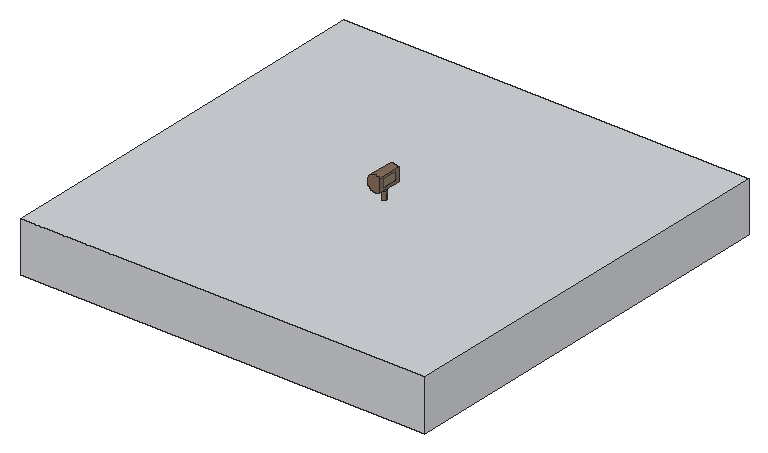
Revit family "Micro Flood-EL218", category Lighting Fixtures, host Face, Revit 2021
Family settings
  Host = Face
  Round Connector Dimension = Use Diameter
  Part Type = Normal
  OmniClass Number = 23.80.70.14.14
  OmniClass Title = Exterior Floodlights
  Cut with Voids When Loaded = No
  Light Source = No
  Shared = Yes
  Room Calculation Point = No
Parameters (values of type "EL218")
  Watts = 16 W
  Product Page URL = ""
  Product Documentation Link = ""
  Wattage Comments = ""
  Voltage = 120 V
  URL = "https://www.currentlighting.com/kimlighting"
  Type Comments = "Lighting Fixture"  # constant formula
  Series = "Micro Flood"  # constant formula
  Power Factor = 0.9
  OmniClass Title = "Exterior Floodlighting"  # constant formula
  OmniClass Number = "23-80 70 14 14"  # constant formula
  Number of Poles = 1
  Note Visible = yes
  Note Text = "LF"  # constant formula
  Model = "EL218"  # constant formula
  MasterFormat Title = "Flood Lighting"  # constant formula
  Manufacturer = "Kim Lighting"  # constant formula
  Load Classification = Lighting
  Lamp = "8 LED's"  # constant formula
  Keynote = ""
  Glass Material = Glass-Clear
  Full Load Current = 0.13 A
  Drive Current = "550mA, 16W"  # constant formula
  Distribution = "Wide Flood"  # constant formula
  Description = "Exterior Lighting"  # constant formula
  Default Elevation = 0' - 0"
  Outside Material = Dark Bronze
  Cost = 0
  built-in parameter 1114216 [instance] = (empty or 0)
  built-in parameter 1140040 [instance] = -1
  Assembly Code = "D5020200"
  Apparent Load = 0 VA
  Angle = 0.00°
Reference planes (in)
  plane 1 "Center (Front/Back)": y = 0
  plane 2 "Bottom": z = 0
  plane 3 "Center (Left/Right)": x = 0
  plane 4: z = 0
  plane 5 "Center (Elevation)": z = 2.125
  plane 6: y = 0.25
Forms (in)
  Extrusion 1, solid
    sketch origin (0, 0, 0) x (1, 0, 0) y (0, 1, 0)
      loop
        line (-48, 48) -> (-48, -48) -> (48, -48) -> (48, 48) -> (-48, 48)
    from 0 to -12
  Sweep 2, solid, material "Dark Bronze" <- "Outside Material"
    path in 3D
      loop
        line (0.01592, 0, 7.49006) -> (0.01592, 0.24917, 7.49006)
    profile origin (0.01592, 0.12458, 7.49006) x (-1, 0, 0) y (0, 0, 1)
      loop
        arc (0.14371, -4.98083) -> (-0.05112, -4.97068) -> (-0.24384, -4.94034) r 1.875
        line (-0.24384, -4.94034) -> (-0.24384, -5.69076)
        arc (-0.24384, -5.69076) -> (0.01725, -5.72962) -> (0.27568, -5.67585) r 0.75195
        line (0.27568, -5.67585) -> (0.27568, -4.98083) -> (0.14371, -4.98083)
  Revolve 3, solid, material "Dark Bronze" <- "Outside Material"
    sketch origin (0, 0, 0) x (1, 0, 0) y (0, 0, 1)
      loop
        arc (0, 2.48812) -> (-0.35355, 2.34167) -> (-0.5, 1.98812) r 0.5
        line (-0.5, 1.98812) -> (-0.5, 0) -> (0, 0) -> (0, 2.48812)
      axis (0, 2.48812) -> (0, 0)
    angle from 0 to 360
  Extrusion 4, void
    sketch origin (-0.8, 1.10039, 0.5) x (0, -1, 0) y (0, 0, 1)
      loop
        line (1.10039, 2.16152) -> (0.54411, 2.16152) -> (0.54411, 0.96792) -> (1.10039, 0.96792) -> (1.10039, 2.16152)
    from -1.6 to 0
  Revolve 5, solid, material "Dark Bronze" <- "Outside Material"
    sketch origin (0, 0, 0) x (0, 1, 0) y (0, 0, 1)
      loop
        line (0, 2.48812) -> (0, 1.48812)
        arc (0, 1.48812) -> (0.5, 1.98812) -> (0, 2.48812) r 0.5
      axis (0, 2.48812) -> (0, 1.48812)
    angle from -90 to 90
Cuts and joins
  Extrusion 4 cuts Revolve 3
Lines and regions (in)
  reference lines
    curve 1: line (0, 0, 0.83114) -> (0, 0, 1.33114)
    curve 2: line (0, 0, 0) -> (0, 0, 2.13296)
    curve 3: line (0, 0, 2.13296) -> (0, 0, 7.49006)
    curve 4: line (0.01592, -7, 7.49006) -> (0.01592, 7, 7.49006)
    curve 8: line (0, 1.10039, 2.13296) -> (0, -1.02454, 2.13296)
    curve 9: line (0, 0, 7.49006) -> (0.43301, 0, 7.74006)
  sketch lines
    curve 5: line (0.01592, 0, 7.49006) -> (0.01592, 0.24917, 7.49006)
  symbolic lines, detail levels medium+fine
    curve 6: line (-0.8, -1.50439, 0) -> (-0.8, 1.49789, 0)
  symbolic lines, detail levels coarse
    curve 7: line (-0.8, 0.73632, 0) -> (-0.8, -0.73632, 0)
Dimensions and locks (in)
  curve 8 to Sweep 2 = 0' - 0.37626"
  plane 5 "Center (Elevation)" to plane 4 = 0' - 2 1/8"
  "Default Elevation": plane 4 to level
  "Angle": angle curve 3 to plane 3 "Center (Left/Right)"
  aligned and locked: plane 2 "Bottom" to Extrusion 1
  aligned and locked: level to Extrusion 1
  aligned and locked: plane 1 "Center (Front/Back)" to nested 1
  aligned and locked: plane 4 to curve 6
  aligned and locked: curve 7 to plane 4
  aligned and locked: plane 1 "Center (Front/Back)" to nested 2
  aligned and locked: Revolve 3 sketch curve to plane 3 "Center (Left/Right)"  (x2)
  aligned and locked: Extrusion 4 sketch curve to nested 2
  aligned and locked: nested 2 to Revolve 5 sketch curve
  aligned and locked: Revolve 5 sketch curve to nested 2
Automatic sketch dimensions
  Extrusion 1 sketch curve to Extrusion 1 sketch curve = 8' - 0"  (x2)
  curve 8 to plane 3 "Center (Left/Right)" = 0' - 0"
  curve 8 to plane 1 "Center (Front/Back)" = 0' - 1.10039"
  plane 1 "Center (Front/Back)" to curve 8 = 0' - 1.02454"
  curve 9 to curve 3 = 0' - 0"  (x2)
  curve 3 to curve 9 = 0' - 0 1/4"
  curve 9 to curve 3 = 0' - 0.43301"
  curve 1 to plane 3 "Center (Left/Right)" = 0' - 0"
  curve 2 to plane 3 "Center (Left/Right)" = 0' - 0"
  curve 2 to plane 4 = 0' - 0"
  level to curve 1 = 0' - 1.33114"
  curve 1 to curve 1 = 0' - 0 1/2"
  plane 5 "Center (Elevation)" to curve 3 = 0' - 0.00796"
  plane 6 to curve 4 = 0' - 6 3/4"
  plane 1 "Center (Front/Back)" to curve 4 = 0' - 7"
  Revolve 3 sketch curve to level = 0' - 0"
  Revolve 3 sketch curve to plane 5 "Center (Elevation)" = 0' - 0.13688"  (x2)
  Revolve 3 sketch curve to level = 0' - 1 3/8"
  Revolve 3 sketch curve to Revolve 3 sketch curve = 0' - 2.13688"
  plane 6 to curve 7 = 0' - 0.48632"
  plane 1 "Center (Front/Back)" to curve 7 = 0' - 0.73632"
  curve 7 to curve 6 = 0' - 0.76807"
  curve 6 to curve 7 = 0' - 0.76157"
  plane 6 to Extrusion 4 sketch curve = 0' - 0.30628"
  Extrusion 4 sketch curve to plane 5 "Center (Elevation)" = 0' - 0.65708"
  plane 5 "Center (Elevation)" to Extrusion 4 sketch curve = 0' - 0.53652"
  Revolve 5 sketch curve to plane 5 "Center (Elevation)" = 0' - 0.63688"
  Revolve 5 sketch curve to plane 5 "Center (Elevation)" = 0' - 0.13688"
  Revolve 5 sketch curve to Revolve 5 sketch curve = 0' - 0.71658"
  Revolve 5 sketch curve to Revolve 5 sketch curve = 0' - 0.65166"
  Sweep 2 sketch curve to profile plane = 0' - 0.14371"
  profile plane to Sweep 2 sketch curve = 0' - 0.00432"
  Sweep 2 sketch curve to profile plane = 0' - 5.67585"
  Sweep 2 sketch curve to Sweep 2 sketch curve = 0' - 0.00286"
  Sweep 2 sketch curve to Sweep 2 sketch curve = 0' - 0.0149"
  Sweep 2 sketch curve to Sweep 2 sketch curve = 0' - 0.13197"
  profile plane to Sweep 2 sketch curve = 0' - 0.24384"
  Sweep 2 sketch curve to Sweep 2 sketch curve = 0' - 0.03763"
  Revolve 3 sketch curve to plane 3 "Center (Left/Right)" = 0' - 0 1/2"
Nested families (in)
  nested 1: "Notation" at (4.72217, 0, 0) x (0, -1, 0) z (0, 0, 1), visible <- "Note Visible", type "Notation", detail levels coarse
  nested 2: "EL" at (-0.29375, 0, 2.50922), type "EL"
Connectors (in)
  electrical at (0, 0, 0), driven by "Load Classification", driven by "Voltage", driven by "Apparent Load", driven by "Power Factor"
    settings: on cut or joined group of Revolve 3, Extrusion 4, index 1, voltage 120 V, apparent load 0 VA, apparent load phase1 0 VA, apparent load phase2 0 VA, apparent load phase3 0 VA, power factor 0.9, load classification "Lighting", number of poles 1, system type 30, power factor state 1, is connector primary yes, connector utility no, sub classification motor no, connector description "Lighting Connector"
Definition of nested family "EL"
  Parameters
    Wattage = 16 W
    built-in parameter 1150110 = 1 (stored number, unit not read)
    built-in parameter 1114217 = 1 (stored number, unit not read)
    Tilt Angle = 90.00°
    built-in parameter 1150109 = 1 (stored number, unit not read)
    built-in parameter 1150134 = 3
    built-in parameter 1150113 = 1 (stored number, unit not read)
    Photometric Web Link = "https://www.hubbell.com/hubbell/en/c/Micro-Flood/p/248510"
    Photometric Web File = "EL218WF5-8L4K.IES"
    Photometric Notes = "More IES files download on Photometric Web Link"  # constant formula
    built-in parameter 1150105 = 118.32 (stored number, unit not read)
    Lumens = 1486.88 lm
    built-in parameter 1150115 = 1 (stored number, unit not read)
    built-in parameter 1150137 = (empty or 0)
    built-in parameter 1150139 = (empty or 0)
    Wattage Comments = ""
    URL = ""
    Type Comments = ""
    Model = ""
    Manufacturer = ""
    built-in parameter 1150112 = 1 (stored number, unit not read)
    built-in parameter 1150114 = 1 (stored number, unit not read)
    Lamp = "LED's"
    Keynote = ""
    built-in parameter 1150132 = (empty or 0)
    built-in parameter 1150102 = (empty or 0)
    built-in parameter 1150107 = 3200 (stored number, unit not read)
    built-in parameter 1150138 = (empty or 0)
    built-in parameter 1150106 = 1.1832 (stored number, unit not read)
    Glass Material = none
    Emit from Rectangle Width = 0' - 2"  # constant formula
    Emit from Rectangle Length = 0' - 4"  # constant formula
    Emit Shape Visible in Rendering = no
    built-in parameter 1150104 = 8.6335 (stored number, unit not read)
    Dimming Lamp Color Temperature Shift = (empty or 0)
    Description = ""
    Default Elevation = 0' - 0"
    Outside Material = none
    Cost = 0
    Color Filter = 16777215
    built-in parameter 1114218 = 1 (stored number, unit not read)
    built-in parameter 1150133 = 10 (stored number, unit not read)
    Assembly Code = ""
    Apparent Load = 0 VA
  Reference planes (in)
    plane 1 "Center (Front/Back)": y = 0
    plane 2: z = 0
    plane 3 "Center (Left/Right)": x = 0
    plane 4: z = 0
    plane 5: y = 2
    plane 6: y = -2
    plane 7 "Bottom": z = 0
    plane 8: y = -2.75
    plane 9: y = 2.75
    plane 10: z = 3.75
    plane 11: x = -1.5
    plane 12: x = 1.5
    plane 13: z = 1.875
    plane 14: z = 1.875
  Forms (in)
    Extrusion 1, solid
      sketch origin (0, 0, 0) x (1, 0, 0) y (0, 1, 0)
        loop
          line (-48, 48) -> (-48, -48) -> (48, -48) -> (48, 48) -> (-48, 48)
      from 0 to -12
    Extrusion 2, solid, material <- "Outside Material"
      sketch origin (0, 0, 0) x (1, 0, 0) y (0, 0, 1)
        loop
          arc (1.5, 3.375) -> (-1.5, 1.875) -> (1.5, 0.375) r 1.875
          line (1.5, 0.375) -> (1.5, 3.375)
      from -2.75 to 2.75
    Extrusion 3, void
      sketch origin (0, 0, 0) x (1, 0, 0) y (0, 0, 1)
        loop
          line (1.5, 2.95328) -> (1.34639, 2.95328) -> (1.34639, 0.79672) -> (1.5, 0.79672) -> (1.5, 2.95328)
      from -2 to 2
    Extrusion 4, solid, material <- "Glass Material"
      sketch origin (0, 0, 0) x (1, 0, 0) y (0, 0, 1)
        loop
          line (1.48007, 2.95328) -> (1.42319, 2.95328) -> (1.42319, 0.79672) -> (1.48007, 0.79672) -> (1.48007, 2.95328)
      from -2 to 2
  Cuts and joins
    Extrusion 3 cuts Extrusion 2
  Dimensions and locks (in)
    plane 10 to plane 4 = 0' - 3 3/4"
    equal spacing: plane 10, plane 13, plane 7 "Bottom"
    equal spacing: plane 8, plane 1 "Center (Front/Back)", plane 9, locked at 2.75 each  (x2)
    plane 8 to plane 9 = 0' - 5 1/2"
    equal spacing: plane 10, plane 14, plane 4
    aligned and locked: plane 2 to Extrusion 1
    aligned and locked: level to Extrusion 1
    aligned and locked: plane 1 "Center (Front/Back)" to nested 1
    aligned and locked: level to plane 7 "Bottom"
    aligned and locked: plane 9 to Extrusion 2
    aligned and locked: plane 8 to Extrusion 2
    aligned and locked: plane 5 to Extrusion 3
    aligned and locked: plane 6 to Extrusion 3
    aligned and locked: plane 5 to Extrusion 4
    aligned and locked: plane 6 to Extrusion 4
  Automatic sketch dimensions
    Extrusion 1 sketch curve to Extrusion 1 sketch curve = 8' - 0"  (x2)
    plane 12 to Extrusion 2 sketch curve = 0' - 0"
    plane 3 "Center (Left/Right)" to Extrusion 2 sketch curve = 0' - 0 3/8"
    level to Extrusion 2 sketch curve = 0' - 0 3/8"
    Extrusion 2 sketch curve to plane 10 = 0' - 0 3/8"
    plane 12 to Extrusion 3 sketch curve = 0' - 0"
    plane 12 to Extrusion 3 sketch curve = 0' - 0.15361"
    level to Extrusion 3 sketch curve = 0' - 0.79672"
    Extrusion 3 sketch curve to plane 10 = 0' - 0.79672"
    plane 12 to Extrusion 4 sketch curve = 0' - 0.01993"
    plane 12 to Extrusion 4 sketch curve = 0' - 0.07681"
    level to Extrusion 4 sketch curve = 0' - 0.79672"
    Extrusion 4 sketch curve to plane 10 = 0' - 0.79672"
  Nested families (in)
    nested 1: "Notation" at (4.72217, 0, 0) x (0, -1, 0) z (0, 0, 1), type "Notation", detail levels coarse
  Definition of nested family "Notation"
    Parameters
      Notation = "LF"
    Reference planes (in)
      plane 1: y = 0
      plane 2: x = 0
    Text (in)
      label "Notation" at (0.02149, 0.07192, 0), shows "Notation"
Definition of nested family "Notation"
  Parameters
    Notation = "LF"
  Reference planes (in)
    plane 1: y = 0
    plane 2: x = 0
  Text (in)
    label "Notation" at (0.02149, 0.07192, 0), shows "Notation"
